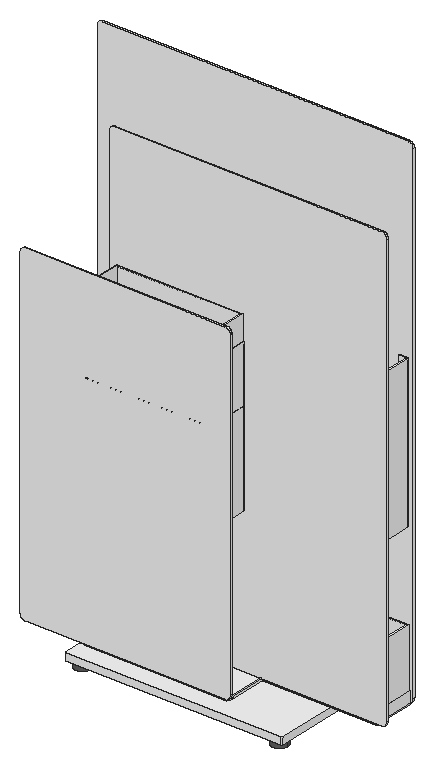
Revit family "SOU - Wall", category Furniture, Revit 2014
Parameters (values of type "SOU - Floor")
  Width = 15 35/64"
  Wall Difference = if(Floor Base, 13/16", 0")  # 13/16"
  URL = "https://magnusongroup.com/products.html"
  Type Comments = "SOU UMBRELLA STAND"  # constant formula
  Frame Finish = MAG - Powdercoat White
  Salvage or Reuse = yes
  Percentage of Recycled Content = 0
  Model = "SOU - Floor"
  Manufacturer = "MAGNUSON GROUP"  # constant formula
  Low Emitting Material = yes
  Low Emitting Finish = yes
  Keynote = "12500"
  Height = if(Floor Base, 24 15/64", 24 15/64" - 39/64")  # 24 15/64"
  Floor Base = yes
  Base Finish = MAG - Powdercoat White
  Description = "SOU - Floor"
  Depth = 4.11523"
  Glides Finish = MAG - Plastic Black
  Assembly Code = "E2020200"
Types (3): name | Wall Difference | Model | Height | Floor Base | Description
  (no name) | 13/16" | "SOU - Floor" | 24 15/64" | yes | "SOU - Floor"
  SOU - Floor | 13/16" | "SOU - Floor" | 24 15/64" | yes | "SOU - Floor"
  SOU - Wall | 0" | "SOU - Wall" | 23 5/8" | no | "SOU - Wall"
Reference planes (in)
  plane 1 "Center Front/Back": y = 0
  plane 2: z = 0
  plane 3 "Center Left/Right": x = 0
  plane 4: y = -5.70312
  plane 5: x = 2.5625
  plane 6: x = 12.85938
  plane 7: y = -4.92773
  plane 8: y = -4.86523
  plane 9: y = -2.83398
  plane 10: y = -2.89648
  plane 11: y = -0.8125
  plane 12: y = -0.875
  plane 13: y = -0.9375
  plane 14: y = -2.77148
  plane 15: y = -2.95898
  plane 16: y = -4.80273
  plane 17: y = -4.74023
  plane 18: z = 0.29687
  plane 19: z = 0.60937
  plane 20: z = 0.67187
  plane 21: z = 0.73437
  plane 22: z = 24.23438
  plane 23: z = 21.45312
  plane 24: z = 16.35937
  plane 25: x = 9.84375
  plane 26: x = 0.39063
  plane 27: x = 15.15625
  plane 28: x = 15.54688
  plane 29: x = 2.70313
  plane 30: x = 2.76563
  plane 31: x = 15.01563
  plane 32: x = 14.95313
  plane 33: z = 1.20312
  plane 34: x = 9.64063
  plane 35: y = -2.70898
  plane 36: x = 2.82813
  plane 37: x = 14.89063
  plane 38: z = 3.96875
  plane 39: x = 3.20313
  plane 40: x = 14.51563
  plane 41: z = 8.07812
  plane 42: z = 15.15625
  plane 43: x = 2.79688
  plane 44: x = 2.85938
  plane 45: x = 2.40625
  plane 46: x = 3.26563
  plane 47: z = 10.45312
  plane 48: z = 11.64062
  plane 49: z = 11.70312
  plane 50: x = 8.89063
  plane 51: x = 8.82813
  plane 52: x = 2.89063
  plane 53: x = 2.95313
  plane 54: x = 8.79688
  plane 55: x = 8.73438
  plane 56: x = 8.4375
  plane 57: z = 7.5
  plane 58: z = 14.59375
  plane 59: z = 11.78125
  plane 60: z = 15.71875
  plane 61: z = 11.84375
  plane 62: x = 12.39063
  plane 63: x = 3.17188
  plane 64: y = -5.23437
  plane 65: y = -0.46875
  plane 66: z = 3.90625
  plane 67: x = 6.59375
  plane 68: x = 6.98438
  plane 69: x = 10.73438
  plane 70: x = 11.125
  plane 71: z = 0.60937
Forms (in)
  Extrusion 1, solid, material "MAG - Powdercoat White" <- "Frame Finish"
    sketch origin (0, 0, 0) x (1, 0, 0) y (0, 0, 1)
      loop
        arc (0.25, 16.35937) -> (0.07322, 16.28615) -> (0, 16.10937) r 0.25
        line (0, 16.10937) -> (0, 0.98437)
        arc (0, 0.98437) -> (0.07322, 0.8076) -> (0.25, 0.73437) r 0.25
        line (0.25, 0.73437) -> (9.59375, 0.73437)
        arc (9.59375, 0.73437) -> (9.77053, 0.8076) -> (9.84375, 0.98437) r 0.25
        line (9.84375, 0.98437) -> (9.84375, 16.10937)
        arc (9.84375, 16.10937) -> (9.77053, 16.28615) -> (9.59375, 16.35937) r 0.25
        line (9.59375, 16.35937) -> (0.25, 16.35937)
    from 4.86523 to 4.92773
  Extrusion 2, solid, material "MAG - Powdercoat White" <- "Frame Finish"
    sketch origin (0, 0, 0) x (1, 0, 0) y (0, 0, 1)
      loop
        line (0.39063, 23.98437) -> (0.39063, 0.92187)
        arc (0.39063, 0.92187) -> (0.46385, 0.7451) -> (0.64063, 0.67187) r 0.25
        line (0.64063, 0.67187) -> (14.90625, 0.67187)
        arc (14.90625, 0.67187) -> (15.08303, 0.7451) -> (15.15625, 0.92187) r 0.25
        line (15.15625, 0.92187) -> (15.15625, 23.98437)
        arc (15.15625, 23.98437) -> (15.08303, 24.16115) -> (14.90625, 24.23437) r 0.25
        line (14.90625, 24.23437) -> (0.64063, 24.23437)
        arc (0.64063, 24.23437) -> (0.46385, 24.16115) -> (0.39063, 23.98437) r 0.25
    from 0.8125 to 0.875
  Extrusion 3, solid, material "MAG - Powdercoat White" <- "Frame Finish"
    sketch origin (0, 0, 0) x (1, 0, 0) y (0, 0, 1)
      loop
        line (2.5625, 21.20312) -> (2.5625, 0.98437)
        arc (2.5625, 0.98437) -> (2.63572, 0.8076) -> (2.8125, 0.73437) r 0.25
        line (2.8125, 0.73437) -> (15.29688, 0.73437)
        arc (15.29688, 0.73437) -> (15.47365, 0.8076) -> (15.54688, 0.98437) r 0.25
        line (15.54688, 0.98437) -> (15.54688, 21.20312)
        arc (15.54688, 21.20312) -> (15.47365, 21.3799) -> (15.29688, 21.45312) r 0.25
        line (15.29688, 21.45312) -> (2.8125, 21.45312)
        arc (2.8125, 21.45312) -> (2.63572, 21.3799) -> (2.5625, 21.20312) r 0.25
    from 2.83398 to 2.89648
  Extrusion 4, solid, material "MAG - Powdercoat White" <- "Frame Finish"
    sketch origin (0, 0, 0) x (1, 0, 0) y (0, 0, 1)
      loop
        line (2.70313, 1.20312) -> (2.70313, 0.67187)
        arc (2.70313, 0.67187) -> (2.72143, 0.62768) -> (2.76563, 0.60937) r 0.0625
        line (2.76563, 0.60937) -> (14.95313, 0.60937)
        arc (14.95313, 0.60937) -> (14.99732, 0.62768) -> (15.01563, 0.67187) r 0.0625
        line (15.01563, 0.67187) -> (15.01563, 1.20312) -> (14.95313, 1.20312) -> (14.95313, 0.67187) -> (2.76563, 0.67187) -> (2.76563, 1.20312) -> (2.70313, 1.20312)
    from 0.875 to 2.83398
  Extrusion 5, solid, material "MAG - Powdercoat White" <- "Frame Finish"
    sketch origin (0, 0, 0) x (1, 0, 0) y (0, 1, 0)
      loop
        line (2.76563, -2.83398) -> (2.76563, -4.55273)
        arc (2.76563, -4.55273) -> (2.83885, -4.72951) -> (3.01563, -4.80273) r 0.25
        line (3.01563, -4.80273) -> (9.39063, -4.80273)
        arc (9.39063, -4.80273) -> (9.5674, -4.72951) -> (9.64063, -4.55273) r 0.25
        line (9.64063, -4.55273) -> (9.64063, -2.83398) -> (2.76563, -2.83398)
    from 0.60938 to 0.67188
  Extrusion 6, solid, material "MAG - Powdercoat White" <- "Frame Finish"
    sketch origin (0, 0, 0) x (1, 0, 0) y (0, 1, 0)
      loop
        line (14.95313, -0.875) -> (2.76563, -0.875) -> (2.76563, -2.77148) -> (14.95313, -2.77148) -> (14.95313, -0.875)
      loop
        line (14.89063, -0.9375) -> (2.82813, -0.9375) -> (2.82813, -2.70898) -> (14.89063, -2.70898) -> (14.89063, -0.9375)
    from 0.67188 to 3.96875
  Extrusion 7, solid, material "MAG - Powdercoat White" <- "Frame Finish"
    sketch origin (0, 0, 0) x (1, 0, 0) y (0, 1, 0)
      loop
        line (3.20313, -0.875) -> (2.82813, -0.875)
        arc (2.82813, -0.875) -> (2.78393, -0.89331) -> (2.76563, -0.9375) r 0.0625
        line (2.76563, -0.9375) -> (2.76563, -2.77148)
        arc (2.76563, -2.77148) -> (2.78393, -2.81568) -> (2.82813, -2.83398) r 0.0625
        line (2.82813, -2.83398) -> (3.20313, -2.83398) -> (3.20313, -2.77148) -> (2.82813, -2.77148) -> (2.82813, -0.9375) -> (3.20313, -0.9375) -> (3.20313, -0.875)
    from 8.07813 to 15.15625
  Extrusion 8, solid, material "MAG - Powdercoat White" <- "Frame Finish"
    sketch origin (0, 0, 0) x (1, 0, 0) y (0, 1, 0)
      loop
        line (14.89063, -0.875) -> (14.51563, -0.875) -> (14.51563, -0.9375) -> (14.89063, -0.9375) -> (14.89063, -2.77148) -> (14.51563, -2.77148) -> (14.51563, -2.83398) -> (14.89063, -2.83398)
        arc (14.89063, -2.83398) -> (14.93482, -2.81568) -> (14.95313, -2.77148) r 0.0625
        line (14.95313, -2.77148) -> (14.95313, -0.9375)
        arc (14.95313, -0.9375) -> (14.93482, -0.89331) -> (14.89063, -0.875) r 0.0625
    from 8.07813 to 15.15625
  Extrusion 9, solid, material "MAG - Powdercoat White" <- "Frame Finish"
    sketch origin (0, 0, 0) x (1, 0, 0) y (0, 1, 0)
      loop
        line (2.79688, -2.89648) -> (2.79688, -4.80273) -> (2.40625, -4.80273) -> (2.40625, -4.86523) -> (2.79688, -4.86523)
        arc (2.79688, -4.86523) -> (2.84107, -4.84693) -> (2.85938, -4.80273) r 0.0625
        line (2.85938, -4.80273) -> (2.85938, -2.89648) -> (2.79688, -2.89648)
    from 10.45313 to 11.64063
  Extrusion 10, solid, material "MAG - Powdercoat White" <- "Frame Finish"
    sketch origin (0, 0, 0) x (1, 0, 0) y (0, 0, 1)
      loop
        line (2.76563, 11.64062) -> (3.26563, 11.64062) -> (3.26563, 11.70312) -> (2.82813, 11.70312)
        arc (2.82813, 11.70312) -> (2.78393, 11.68482) -> (2.76563, 11.64062) r 0.0625
    from 2.89648 to 4.86523
  Extrusion 11, solid, material "MAG - Powdercoat White" <- "Frame Finish"
    sketch origin (0, 0, 0) x (1, 0, 0) y (0, 1, 0)
      loop
        arc (8.82813, -4.86523) -> (8.87232, -4.84693) -> (8.89063, -4.80273) r 0.0625
        line (8.89063, -4.80273) -> (8.89063, -2.95898)
        arc (8.89063, -2.95898) -> (8.87232, -2.91479) -> (8.82813, -2.89648) r 0.0625
        line (8.82813, -2.89648) -> (8.4375, -2.89648) -> (8.4375, -2.95898) -> (8.82813, -2.95898) -> (8.82813, -4.80273) -> (8.4375, -4.80273) -> (8.4375, -4.86523) -> (8.82813, -4.86523)
    from 7.5 to 14.59375
  Extrusion 12, solid, material "MAG - Powdercoat White" <- "Frame Finish"
    sketch origin (0, 0, 0) x (1, 0, 0) y (0, 1, 0)
      loop
        line (2.89063, -2.89648) -> (2.89063, -4.80273) -> (8.79688, -4.80273) -> (8.79688, -2.89648) -> (2.89063, -2.89648)
      loop
        line (2.95313, -2.95898) -> (2.95313, -4.74023) -> (8.73438, -4.74023) -> (8.73438, -2.95898) -> (2.95313, -2.95898)
    from 11.84375 to 15.71875
  Extrusion 13, solid, material "MAG - Powdercoat White" <- "Frame Finish"
    sketch origin (0, 0, 0) x (1, 0, 0) y (0, 1, 0)
      loop
        line (2.95313, -2.95898) -> (2.95313, -4.74023) -> (8.73438, -4.74023) -> (8.73438, -2.95898) -> (2.95313, -2.95898)
    from 11.78125 to 11.84375
  Sweep 14, solid, material "MAG - Powdercoat White" <- "Frame Finish"
    path origin (-60.54339, -180, 11.84375) x (-1, 0, 0) y (0, -1, 0)
      loop
        line (-63.49652, -175.25977) -> (-69.27777, -175.25977) -> (-69.27777, -177.04102) -> (-63.49652, -177.04102) -> (-63.49652, -175.25977)
    profile origin (2.95313, -3.84961, 11.84375) x (-1, 0, 0) y (0, 0, 1)
      loop
        line (0, 0) -> (0, -0.0625)
        arc (0, -0.0625) -> (0.04419, -0.04419) -> (0.0625, 0) r 0.0625
        line (0.0625, 0) -> (0, 0)
  Extrusion 15, solid, material "MAG - Powdercoat White" <- "Frame Finish"
    sketch origin (-60.54339, -180, 11.84375) x (-1, 0, 0) y (0, -1, 0)
      loop
        line (-70.18402, -177.10352) -> (-63.30902, -177.10352) -> (-63.30902, -175.13477) -> (-70.18402, -175.13477) -> (-70.18402, -177.10352)
    from -11.17188 to -11.10938
  Extrusion 16, solid, material "MAG - Powdercoat White" <- "Base Finish", visible <- "Floor Base"
    sketch origin (-60.54339, -180, 11.84375) x (-1, 0, 0) y (0, -1, 0)
      loop
        arc (-73.40277, -179.9375) -> (-73.38446, -179.98169) -> (-73.34027, -180) r 0.0625
        line (-73.34027, -180) -> (-63.30902, -180)
        arc (-63.30902, -180) -> (-63.26482, -179.98169) -> (-63.24652, -179.9375) r 0.0625
        line (-63.24652, -179.9375) -> (-63.24652, -174.35938)
        arc (-63.24652, -174.35938) -> (-63.26482, -174.31518) -> (-63.30902, -174.29688) r 0.0625
        line (-63.30902, -174.29688) -> (-73.34027, -174.29688)
        arc (-73.34027, -174.29688) -> (-73.38446, -174.31518) -> (-73.40277, -174.35938) r 0.0625
        line (-73.40277, -174.35938) -> (-73.40277, -179.9375)
    from -11.54688 to -11.23438
  Extrusion 17, solid, material "MAG - Plastic Black" <- "Glides Finish", visible <- "Floor Base"
    sketch origin (-60.54339, -180, 11.84375) x (-1, 0, 0) y (0, -1, 0)
      loop
        circle (-63.71527, -179.53125) r 0.37305
    from -11.84375 to -11.54688
  Extrusion 18, solid, material "MAG - Plastic Black" <- "Glides Finish", visible <- "Floor Base"
    sketch origin (-60.54339, -180, 11.84375) x (-1, 0, 0) y (0, -1, 0)
      loop
        circle (-72.93402, -179.53125) r 0.375
    from -11.84375 to -11.54688
  Extrusion 19, solid, material "MAG - Plastic Black" <- "Glides Finish", visible <- "Floor Base"
    sketch origin (-60.54339, -180, 11.84375) x (-1, 0, 0) y (0, -1, 0)
      loop
        circle (-63.71527, -174.76562) r 0.375
    from -11.84375 to -11.54688
  Extrusion 20, solid, material "MAG - Plastic Black" <- "Glides Finish", visible <- "Floor Base"
    sketch origin (-60.54339, -180, 11.84375) x (-1, 0, 0) y (0, -1, 0)
      loop
        circle (-72.93402, -174.76562) r 0.375
    from -11.84375 to -11.54688
  Extrusion 21, solid, material "MAG - Powdercoat White" <- "Frame Finish"
    sketch origin (-60.54339, -180, 11.84375) x (-1, 0, 0) y (0, -1, 0)
      loop
        line (-67.13714, -179.0625) -> (-67.13714, -177.29102) -> (-67.52777, -177.29102) -> (-67.52777, -179.0625) -> (-67.13714, -179.0625)
    from -7.9375 to -7.875
  Extrusion 22, solid, material "MAG - Powdercoat White" <- "Frame Finish"
    sketch origin (-60.54339, -180, 11.84375) x (-1, 0, 0) y (0, -1, 0)
      loop
        line (-71.27777, -179.0625) -> (-71.27777, -177.29102) -> (-71.66839, -177.29102) -> (-71.66839, -179.0625) -> (-71.27777, -179.0625)
    from -7.9375 to -7.875
Lines and regions (in)
  symbolic lines
    curve 1: line (15.15625, -0.875, 11.84375) -> (0.39063, -0.875, 11.84375)
    curve 2: line (15.15625, -0.8125, 11.84375) -> (0.39063, -0.8125, 11.84375)
    curve 3: line (0.39063, -0.8125, 11.84375) -> (0.39063, -0.875, 11.84375)
    curve 4: line (15.15625, -0.8125, 11.84375) -> (15.15625, -0.875, 11.84375)
    curve 5: line (2.5625, -2.83398, 11.84375) -> (2.5625, -2.89648, 11.84375)
    curve 6: line (15.54688, -2.83398, 11.84375) -> (2.5625, -2.83398, 11.84375)
    curve 7: line (15.54688, -2.89648, 11.84375) -> (2.5625, -2.89648, 11.84375)
    curve 8: line (15.54688, -2.83398, 11.84375) -> (15.54688, -2.89648, 11.84375)
    curve 9: line (9.84375, -4.92773, 11.84375) -> (0, -4.92773, 11.84375)
    curve 10: line (9.84375, -4.86523, 11.84375) -> (0, -4.86523, 11.84375)
    curve 11: line (9.84375, -4.86523, 11.84375) -> (9.84375, -4.92773, 11.84375)
    curve 12: line (0, -4.86523, 11.84375) -> (0, -4.92773, 11.84375)
    curve 13: line (9.64063, -2.89648, 11.84375) -> (9.64063, -4.86523, 11.84375)
    curve 14: line (2.95313, -4.74023, 11.84375) -> (2.95313, -2.95898, 11.84375)
    curve 15: line (2.95313, -2.95898, 11.84375) -> (8.73438, -2.95898, 11.84375)
    curve 16: line (8.73438, -2.95898, 11.84375) -> (8.73438, -4.74023, 11.84375)
    curve 17: line (8.73438, -4.74023, 11.84375) -> (2.95313, -4.74023, 11.84375)
    curve 18: line (2.89063, -2.89648, 11.84375) -> (2.89063, -4.80273, 11.84375)
    curve 19: line (2.89063, -4.80273, 11.84375) -> (8.79688, -4.80273, 11.84375)
    curve 20: line (8.79688, -4.80273, 11.84375) -> (8.79688, -2.89648, 11.84375)
    curve 21: line (8.79688, -2.89648, 11.84375) -> (2.89063, -2.89648, 11.84375)
    curve 22: line (2.76563, -4.80273, 11.84375) -> (2.40625, -4.80273, 11.84375)
    curve 23: line (2.40625, -4.80273, 11.84375) -> (2.40625, -4.86523, 11.84375)
    curve 24: line (2.76563, -2.89648, 11.84375) -> (2.76563, -4.80273, 11.84375)
    curve 25: line (2.82813, -2.77148, 11.84375) -> (2.82813, -0.9375, 11.84375)
    curve 26: line (2.82813, -0.9375, 11.84375) -> (3.20313, -0.9375, 11.84375)
    curve 27: line (3.20313, -0.9375, 11.84375) -> (3.20313, -0.875, 11.84375)
    curve 28: line (3.20313, -0.875, 11.84375) -> (2.82813, -0.875, 11.84375)
    curve 29: arc (2.82813, -0.875, 11.84375) -> (2.78393, -0.89331, 11.84375) -> (2.76563, -0.9375, 11.84375) r 0.0625
    curve 30: line (2.76563, -0.9375, 11.84375) -> (2.76563, -2.77148, 11.84375)
    curve 31: arc (2.76563, -2.77148, 11.84375) -> (2.78393, -2.81568, 11.84375) -> (2.82813, -2.83398, 11.84375) r 0.0625
    curve 32: line (2.82813, -2.83398, 11.84375) -> (3.20313, -2.83398, 11.84375)
    curve 33: line (3.20313, -2.83398, 11.84375) -> (3.20313, -2.77148, 11.84375)
    curve 34: line (3.20313, -2.77148, 11.84375) -> (2.82813, -2.77148, 11.84375)
    curve 35: line (14.89063, -0.9375, 11.84375) -> (14.89063, -2.77148, 11.84375)
    curve 36: line (14.89063, -2.77148, 11.84375) -> (14.51563, -2.77148, 11.84375)
    curve 37: line (14.51563, -2.77148, 11.84375) -> (14.51563, -2.83398, 11.84375)
    curve 38: line (14.51563, -2.83398, 11.84375) -> (14.89063, -2.83398, 11.84375)
    curve 39: arc (14.89063, -2.83398, 11.84375) -> (14.93482, -2.81568, 11.84375) -> (14.95313, -2.77148, 11.84375) r 0.0625
    curve 40: line (14.95313, -2.77148, 11.84375) -> (14.95313, -0.9375, 11.84375)
    curve 41: arc (14.95313, -0.9375, 11.84375) -> (14.93482, -0.89331, 11.84375) -> (14.89063, -0.875, 11.84375) r 0.0625
    curve 42: line (14.89063, -0.875, 11.84375) -> (14.51563, -0.875, 11.84375)
    curve 43: line (14.51563, -0.875, 11.84375) -> (14.51563, -0.9375, 11.84375)
    curve 44: line (14.51563, -0.9375, 11.84375) -> (14.89063, -0.9375, 11.84375)
    curve 45: line (6.59375, -0.875, 11.84375) -> (6.59375, -2.83398, 11.84375)
    curve 46: line (6.98438, -0.875, 11.84375) -> (6.98438, -2.83398, 11.84375)
    curve 47: line (10.73438, -0.875, 11.84375) -> (10.73438, -2.83398, 11.84375)
    curve 48: line (11.125, -0.875, 11.84375) -> (11.125, -2.83398, 11.84375)
  symbolic lines, visible <- "Floor Base"
    curve 49: line (12.79688, 0, 11.84375) -> (2.76563, 0, 11.84375)
    curve 50: arc (2.76563, 0, 11.84375) -> (2.72143, -0.01831, 11.84375) -> (2.70313, -0.0625, 11.84375) r 0.0625
    curve 51: line (2.70313, -0.0625, 11.84375) -> (2.70313, -0.8125, 11.84375)
    curve 52: arc (2.70313, -5.64062, 11.84375) -> (2.72143, -5.68482, 11.84375) -> (2.76563, -5.70312, 11.84375) r 0.0625
    curve 53: line (2.76563, -5.70312, 11.84375) -> (12.79688, -5.70312, 11.84375)
    curve 54: arc (12.79688, -5.70312, 11.84375) -> (12.84107, -5.68482, 11.84375) -> (12.85938, -5.64062, 11.84375) r 0.0625
    curve 55: line (12.85938, -5.64062, 11.84375) -> (12.85938, -2.89648, 11.84375)
    curve 56: arc (12.85938, -0.0625, 11.84375) -> (12.84107, -0.01831, 11.84375) -> (12.79688, 0, 11.84375) r 0.0625
    curve 57: line (2.70313, -4.92773, 11.84375) -> (2.70313, -5.64062, 11.84375)
    curve 58: line (12.85938, -0.8125, 11.84375) -> (12.85938, -0.0625, 11.84375)
    curve 59: line (2.70313, -0.875, 11.84375) -> (2.70313, -2.83398, 11.84375)
    curve 60: line (2.70313, -2.89648, 11.84375) -> (2.70313, -4.80273, 11.84375)
Dimensions and locks (in)
  plane 13 to plane 12 to plane 11 = 1/16" locked, 1/16" locked
  plane 15 to plane 10 to plane 9 to plane 14 to plane 35 = 1/16" locked, 1/16" locked, 1/16" locked, 1/16" locked
  plane 7 to plane 8 to plane 16 to plane 17 = 1/16" locked, 1/16" locked, 1/16" locked
  "Depth": plane 7 to plane 11
  locked: plane 35 to plane 11 at 1.89648
  locked: plane 4 to plane 1 "Center Front/Back" at 5.70312
  plane 3 "Center Left/Right" to plane 26 to plane 45 = 25/64" locked, 2 1/64" locked
  plane 45 to plane 5 to plane 29 to plane 30 to plane 43 to plane 36 to plane 44 to plane 52 to plane 53 to plane 63 to plane 39 to plane 46 = 5/32" locked, 9/64" locked, 1/16" locked, 1/32" locked, 1/32" locked, 1/32" locked, 1/32" locked, 1/16" locked, 7/32" locked, 1/32" locked, 1/16" locked
  plane 67 to plane 68 to plane 56 to plane 55 to plane 54 to plane 51 to plane 50 to plane 34 to plane 25 to plane 69 to plane 70 to plane 62 = 25/64" locked, 1 29/64" locked, 19/64" locked, 1/16" locked, 1/32" locked, 1/16" locked, 3/4" locked, 13/64" locked, 57/64" locked, 25/64" locked, 1 17/64" locked
  plane 6 to plane 40 to plane 37 to plane 32 to plane 31 to plane 27 to plane 28 = 1 21/32" locked, 3/8" locked, 1/16" locked, 1/16" locked, 9/64" locked, 25/64" locked
  plane 3 "Center Left/Right" to plane 45 to plane 56 to plane 6 = 2 13/32" locked, 6 1/32" locked, 4 27/64" locked
  "Width": plane 3 "Center Left/Right" to plane 28
  "Wall Difference": plane 11 to plane 1 "Center Front/Back"
  locked: plane 65 to plane 1 "Center Front/Back" at 0.46875
  locked: plane 4 to plane 64 at 0.46875
  plane 22 to plane 23 to plane 24 to plane 60 to plane 42 to plane 58 to plane 61 to plane 59 to plane 49 to plane 48 to plane 47 to plane 41 to plane 57 to plane 38 to plane 66 to plane 33 to plane 21 to plane 20 to plane 19 = 2 25/32" locked, 5 3/32" locked, 41/64" locked, 9/16" locked, 9/16" locked, 2 3/4" locked, 1/16" locked, 5/64" locked, 1/16" locked, 1 3/16" locked, 2 3/8" locked, 37/64" locked, 3 17/32" locked, 1/16" locked, 2 45/64" locked, 15/32" locked, 1/16" locked, 1/16" locked
  plane 71 to plane 18 to plane 2 = 5/16" locked, 19/64" locked
  "Height": plane 22 to plane 2
  radius of Extrusion 1 sketch curve = 1/4"  (x4)
  radius of Extrusion 2 sketch curve = 1/4"  (x4)
  radius of Extrusion 3 sketch curve = 1/4"  (x4)
  radius of Extrusion 4 sketch curve = 1/16"  (x2)
  radius of Extrusion 5 sketch curve = 1/4"  (x2)
  radius of Extrusion 7 sketch curve = 1/16"  (x2)
  radius of Extrusion 8 sketch curve = 1/16"  (x2)
  radius of Extrusion 9 sketch curve = 1/16"
  radius of Extrusion 10 sketch curve = 1/16"
  radius of Extrusion 11 sketch curve = 1/16"  (x2)
  radius of Sweep 14 sketch curve = 1/16"
  radius of Extrusion 16 sketch curve = 1/16"  (x4)
  radius of Extrusion 17 sketch curve = 0.37305"
  radius of Extrusion 18 sketch curve = 3/8"
  radius of Extrusion 19 sketch curve = 3/8"
  radius of Extrusion 20 sketch curve = 3/8"
  aligned and locked: level to plane 2
  aligned and locked: Extrusion 1 sketch curve to plane 24
  aligned and locked: Extrusion 1 sketch curve to plane 25
  aligned and locked: Extrusion 1 sketch curve to plane 21
  aligned and locked: Extrusion 1 sketch curve to plane 3 "Center Left/Right"
  aligned and locked: Extrusion 2 sketch curve to plane 26
  aligned and locked: Extrusion 2 sketch curve to plane 27
  aligned and locked: Extrusion 2 sketch curve to plane 22
  aligned and locked: Extrusion 2 sketch curve to plane 20
  aligned and locked: Extrusion 3 sketch curve to plane 5
  aligned and locked: Extrusion 3 sketch curve to plane 28
  aligned and locked: Extrusion 3 sketch curve to plane 23
  aligned and locked: Extrusion 3 sketch curve to plane 21
  aligned and locked: Extrusion 2 to plane 11
  aligned and locked: plane 12 to Extrusion 2
  aligned and locked: Extrusion 3 to plane 9
  aligned and locked: plane 10 to Extrusion 3
  aligned and locked: Extrusion 1 to plane 8
  aligned and locked: plane 7 to Extrusion 1
  aligned and locked: Extrusion 4 sketch curve to plane 29
  aligned and locked: Extrusion 4 sketch curve to plane 30
  aligned and locked: Extrusion 4 sketch curve to plane 33  (x2)
  aligned and locked: Extrusion 4 sketch curve to plane 19
  aligned and locked: Extrusion 4 sketch curve to plane 20
  aligned and locked: Extrusion 4 sketch curve to plane 32
  aligned and locked: Extrusion 4 sketch curve to plane 31
  aligned and locked: Extrusion 4 to plane 12
  aligned and locked: plane 9 to Extrusion 4
  aligned and locked: Extrusion 5 sketch curve to plane 30
  aligned and locked: Extrusion 5 sketch curve to plane 16
  aligned and locked: Extrusion 5 sketch curve to plane 9
  aligned and locked: plane 34 to Extrusion 5 sketch curve
  aligned and locked: Extrusion 5 to plane 19
  aligned and locked: plane 20 to Extrusion 5
  aligned and locked: Extrusion 6 sketch curve to plane 12
  aligned and locked: Extrusion 6 sketch curve to plane 13
  aligned and locked: Extrusion 6 sketch curve to plane 35
  aligned and locked: Extrusion 6 sketch curve to plane 14
  aligned and locked: Extrusion 6 sketch curve to plane 30
  aligned and locked: Extrusion 6 sketch curve to plane 36
  aligned and locked: Extrusion 6 sketch curve to plane 37
  aligned and locked: Extrusion 6 sketch curve to plane 32
  aligned and locked: Extrusion 6 to plane 20
  aligned and locked: plane 38 to Extrusion 6
  aligned and locked: Extrusion 7 sketch curve to plane 12
  aligned and locked: Extrusion 7 sketch curve to plane 13
  aligned and locked: Extrusion 7 sketch curve to plane 14
  aligned and locked: Extrusion 7 sketch curve to plane 9
  aligned and locked: Extrusion 7 sketch curve to plane 30
  aligned and locked: Extrusion 7 sketch curve to plane 36
  aligned and locked: Extrusion 7 sketch curve to plane 39
  aligned and locked: Extrusion 7 to plane 41
  aligned and locked: plane 42 to Extrusion 7
  aligned and locked: Extrusion 8 sketch curve to plane 12
  aligned and locked: Extrusion 8 sketch curve to plane 13
  aligned and locked: Extrusion 8 sketch curve to plane 32
  aligned and locked: Extrusion 8 sketch curve to plane 37
  aligned and locked: Extrusion 8 sketch curve to plane 14
  aligned and locked: Extrusion 8 sketch curve to plane 9
  aligned and locked: Extrusion 8 sketch curve to plane 40
  aligned and locked: plane 42 to Extrusion 8
  aligned and locked: Extrusion 8 to plane 41
  aligned and locked: Extrusion 9 sketch curve to plane 43
  aligned and locked: Extrusion 9 sketch curve to plane 44
  aligned and locked: Extrusion 9 sketch curve to plane 8
  aligned and locked: Extrusion 9 sketch curve to plane 16
  aligned and locked: Extrusion 9 sketch curve to plane 10
  aligned and locked: Extrusion 9 sketch curve to plane 45
  aligned and locked: plane 48 to Extrusion 9
  aligned and locked: Extrusion 9 to plane 47
  aligned and locked: Extrusion 10 sketch curve to plane 48
  aligned and locked: Extrusion 10 sketch curve to plane 49
  aligned and locked: Extrusion 10 sketch curve to plane 46
  aligned and locked: Extrusion 10 to plane 10
  aligned and locked: plane 8 to Extrusion 10
  aligned and locked: Extrusion 11 sketch curve to plane 8
  aligned and locked: Extrusion 11 sketch curve to plane 16
  aligned and locked: Extrusion 11 sketch curve to plane 50
  aligned and locked: Extrusion 11 sketch curve to plane 51
  aligned and locked: Extrusion 11 sketch curve to plane 15
  aligned and locked: Extrusion 11 sketch curve to plane 10
  aligned and locked: Extrusion 11 sketch curve to plane 56
  aligned and locked: plane 58 to Extrusion 11
  aligned and locked: Extrusion 11 to plane 57
  aligned and locked: Extrusion 12 sketch curve to plane 52
  aligned and locked: Extrusion 12 sketch curve to plane 53
  aligned and locked: Extrusion 12 sketch curve to plane 55
  aligned and locked: Extrusion 12 sketch curve to plane 54
  aligned and locked: Extrusion 12 sketch curve to plane 17
  aligned and locked: Extrusion 12 sketch curve to plane 16
  aligned and locked: Extrusion 12 sketch curve to plane 15
  aligned and locked: Extrusion 12 sketch curve to plane 10
  aligned and locked: plane 60 to Extrusion 12
  aligned and locked: Extrusion 12 to plane 61
  aligned and locked: Extrusion 13 sketch curve to Extrusion 12  (x4)
  aligned and locked: plane 61 to Extrusion 13
  aligned and locked: Extrusion 13 to plane 59
  aligned and locked: Sweep 14 sketch curve to Extrusion 12  (x4)
  aligned and locked: profile plane to Sweep 14 sketch curve  (x2)
  aligned and locked: Extrusion 15 sketch curve to plane 10
  aligned and locked: Extrusion 15 sketch curve to plane 34
  aligned and locked: Extrusion 15 to plane 20
  aligned and locked: plane 21 to Extrusion 15
  aligned and locked: Extrusion 15 sketch curve to plane 8
  aligned and locked: Extrusion 15 sketch curve to plane 30
  aligned and locked: Extrusion 16 sketch curve to plane 6
  aligned and locked: Extrusion 16 sketch curve to plane 29
  aligned and locked: Extrusion 16 sketch curve to plane 4
  aligned and locked: Extrusion 16 sketch curve to plane 1 "Center Front/Back"
  aligned and locked: Extrusion 16 to plane 18
  aligned and locked: Extrusion 17 to plane 2
  aligned and locked: Extrusion 19 to plane 2
  aligned and locked: plane 18 to Extrusion 19
  aligned and locked: plane 18 to Extrusion 17
  aligned and locked: Extrusion 18 to plane 2
  aligned and locked: Extrusion 20 to plane 2
  aligned and locked: plane 18 to Extrusion 20
  aligned and locked: plane 18 to Extrusion 18
  aligned and locked: Extrusion 21 sketch curve to plane 67
  aligned and locked: Extrusion 21 sketch curve to plane 68
  aligned and locked: Extrusion 21 sketch curve to plane 13
  aligned and locked: Extrusion 21 sketch curve to plane 35
  aligned and locked: Extrusion 21 to plane 66
  aligned and locked: plane 38 to Extrusion 21
  aligned and locked: Extrusion 22 sketch curve to plane 69
  aligned and locked: Extrusion 22 sketch curve to plane 70
  aligned and locked: Extrusion 22 sketch curve to plane 13
  aligned and locked: Extrusion 22 sketch curve to plane 35
  aligned and locked: Extrusion 22 to plane 66
  aligned and locked: plane 38 to Extrusion 22
  aligned and locked: plane 71 to Extrusion 16
  aligned and locked: curve 1 to plane 12
  aligned and locked: curve 2 to plane 11
  aligned and locked: curve 3 to plane 26
  aligned and locked: curve 4 to plane 27
  aligned and locked: curve 5 to plane 5
  aligned and locked: curve 6 to plane 9
  aligned and locked: curve 8 to plane 28
  aligned and locked: curve 9 to plane 7
  aligned and locked: curve 10 to plane 8
  aligned and locked: curve 11 to plane 25
  aligned and locked: curve 12 to plane 3 "Center Left/Right"
  aligned and locked: plane 10 to curve 13
  aligned and locked: plane 8 to curve 13
  aligned and locked: curve 14 to Extrusion 12
  aligned and locked: curve 15 to Extrusion 12
  aligned and locked: curve 16 to Extrusion 12
  aligned and locked: curve 17 to Extrusion 12
  aligned and locked: curve 18 to Extrusion 12
  aligned and locked: curve 19 to Extrusion 12
  aligned and locked: curve 20 to Extrusion 12
  aligned and locked: curve 21 to Extrusion 12
  aligned and locked: curve 22 to plane 16
  aligned and locked: curve 23 to plane 45
  aligned and locked: curve 25 to Extrusion 7
  aligned and locked: curve 26 to Extrusion 7
  aligned and locked: curve 27 to Extrusion 7
  aligned and locked: curve 28 to Extrusion 7
  aligned and locked: curve 29 to Extrusion 7
  aligned and locked: curve 31 to Extrusion 7
  aligned and locked: curve 33 to Extrusion 7
  aligned and locked: curve 34 to Extrusion 7
  aligned and locked: curve 35 to Extrusion 8
  aligned and locked: curve 36 to Extrusion 8
  aligned and locked: curve 37 to Extrusion 8
  aligned and locked: curve 38 to Extrusion 8
  aligned and locked: curve 39 to Extrusion 8
  aligned and locked: curve 41 to Extrusion 8
  aligned and locked: curve 43 to Extrusion 8
  aligned and locked: curve 44 to Extrusion 8
  aligned and locked: plane 12 to curve 45
  aligned and locked: curve 50 to Extrusion 16
  aligned and locked: curve 52 to Extrusion 16
  aligned and locked: curve 54 to Extrusion 16
  aligned and locked: curve 56 to Extrusion 16
  aligned and locked: plane 9 to curve 59
  aligned and locked: plane 10 to curve 60
  aligned and locked: plane 16 to curve 60
Automatic sketch dimensions
  Extrusion 7 sketch curve to plane 39 = 0"
  Extrusion 8 sketch curve to plane 40 = 0"
  Extrusion 8 sketch curve to plane 37 = 0"
  Extrusion 10 sketch curve to plane 30 = 0"
  Extrusion 11 sketch curve to plane 56 = 0"
  Extrusion 17 sketch curve to plane 63 = 0"
  plane 65 to Extrusion 17 sketch curve = 0"
  Extrusion 18 sketch curve to plane 62 = 0"
  plane 65 to Extrusion 18 sketch curve = 0"
  Extrusion 19 sketch curve to plane 63 = 0"
  plane 64 to Extrusion 19 sketch curve = 0"
  Extrusion 20 sketch curve to plane 62 = 0"
  plane 64 to Extrusion 20 sketch curve = 0"
  curve 56 to plane 6 = 0"
  curve 48 to plane 70 = 0"
  curve 47 to plane 69 = 0"
  curve 13 to plane 34 = 0"
  curve 46 to plane 68 = 0"
  curve 45 to plane 67 = 0"
  curve 24 to plane 30 = 0"
  curve 58 to curve 56 = 1/16"
  curve 60 to plane 29 = 0"
  curve 59 to plane 29 = 0"
